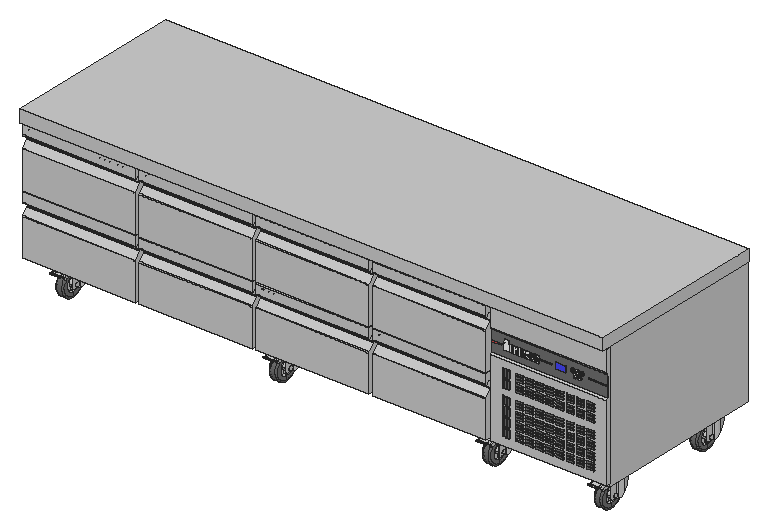
Revit family "QF_INOMAK_PWDP7777_250528083448", category Specialty Equipment, Revit 2021 (continued)
Definition of nested family "QF_INOMAK_REF_COUNTERS_DOORS_DRAWERS_25485"
  Definition of nested family "Sliding_Doors"
    Parameters (values of type "Sliding doors")
      Description = ""
      Depth Actual [instance] = 700 mm
      Default Elevation = 0 mm
      Bottom inset [instance] = 4 mm
      Assembly Code = "E1090320"
    Reference planes
      plane 1 "Back": y = 0
      plane 2: z = 0
      plane 3 "Left": x = 0
      plane 4 "Right": x = 1200
      plane 5 "Front": y = -700
      plane 6 "Top": z = 1050
      plane 7 "Front legs": y = -690
      plane 8 "Legs top": z = 150
      plane 9 "Backsplash thickness": y = -10
      plane 10: x = 35
      plane 11: x = 1165
      plane 12 "Center Left-Right": x = 600
      plane 13: z = 154
      plane 14: z = 1046
    Forms (mm)
      Extrusion 1, solid, material <- "Finish", visible <- "Sliding doors"
        sketch origin (0, -690, 154) x (-1, 0, 0) y (0, 1, 0)
          loop
            line (-35, 10) -> (-35, 20) -> (-620, 20) -> (-620, 0) -> (-91.156, 0)
            arc (-91.156, 0) -> (-85.272, 0.885) -> (-79.91, 3.461) r 20
            line (-79.91, 3.461) -> (-60, 17) -> (-38, 17) -> (-38, 10)
            arc (-38, 10) -> (-40.05, 5.05) -> (-45, 3) r 7
            line (-45, 3) -> (-50.012, 3) -> (-50.012, 0) -> (-45, 0)
            arc (-45, 0) -> (-37.929, 2.929) -> (-35, 10) r 10
        from 0 to -892
      Extrusion 2, solid, material <- "Finish", visible <- "Sliding doors"
        sketch origin (0, -689, 154) x (-1, 0, 0) y (0, 1, 0)
          loop
            arc (-1065, 30) -> (-1062.071, 22.929) -> (-1055, 20) r 10
            line (-1055, 20) -> (-1049.988, 20) -> (-1049.988, 23) -> (-1055, 23)
            arc (-1055, 23) -> (-1059.95, 25.05) -> (-1062, 30) r 7
            line (-1062, 30) -> (-1062, 37) -> (-1040, 37) -> (-1020.09, 23.461)
            arc (-1020.09, 23.461) -> (-1014.728, 20.885) -> (-1008.844, 20) r 20
            line (-1008.844, 20) -> (-480, 20) -> (-480, 40) -> (-1065, 40) -> (-1065, 30)
        from 0 to -892
    Lines and regions (mm)
      symbolic lines, visible <- "Sliding doors"
        curve 1: line (1065, -649, 150) -> (480, -649, 150)
        curve 2: line (1065, -669, 150) -> (1065, -649, 150)
        curve 3: line (480, -669, 150) -> (1065, -669, 150)
        curve 4: line (480, -649, 150) -> (480, -669, 150)
        curve 5: line (620, -690, 150) -> (35, -690, 150)
        curve 6: line (620, -670, 150) -> (620, -690, 150)
        curve 7: line (35, -670, 150) -> (620, -670, 150)
        curve 8: line (35, -690, 150) -> (35, -670, 150)
    Dimensions and locks
      "Length Actual": plane 3 "Left" to plane 4 "Right"
      "Depth Actual": plane 5 "Front" to plane 1 "Back"
      "Height Actual": plane 6 "Top" to plane 8 "Legs top"
      "Front inset": plane 7 "Front legs" to plane 5 "Front"
      "Plinth height": plane 8 "Legs top" to plane 2
      "Rear inset": plane 9 "Backsplash thickness" to plane 1 "Back"
      "Right panel thickness": plane 11 to plane 4 "Right"
      "Left panel thickness": plane 3 "Left" to plane 10
      equal spacing: plane 10, plane 12 "Center Left-Right", plane 11
      "Top inset": plane 6 "Top" to plane 14
      "Bottom inset": plane 13 to plane 8 "Legs top"
      locked: plane 12 "Center Left-Right" to curve 4 at 120
      locked: plane 12 "Center Left-Right" to curve 5 at 20
      locked: plane 11 to curve 1 at 100
      aligned and locked: level to plane 2
      aligned and locked: Extrusion 1 sketch curve to plane 7 "Front legs"
      aligned and locked: Extrusion 1 sketch curve to plane 10
      aligned and locked: Extrusion 1 to plane 14
      aligned and locked: Extrusion 2 to plane 14
      aligned and locked: curve 8 to plane 10
    Automatic sketch dimensions
      Extrusion 2 sketch curve to Extrusion 2 sketch curve = 0 mm  (x2)
      plane 11 to Extrusion 2 sketch curve = 100 mm
      Extrusion 2 sketch curve to Extrusion 2 sketch curve = 3 mm
      Extrusion 2 sketch curve to Extrusion 2 sketch curve = 7 mm  (x2)
      Extrusion 2 sketch curve to Extrusion 2 sketch curve = 5.012 mm
      plane 7 "Front legs" to Extrusion 2 sketch curve = 38 mm
      Extrusion 2 sketch curve to Extrusion 2 sketch curve = 15 mm
      plane 7 "Front legs" to Extrusion 2 sketch curve = 24.461 mm
      Extrusion 2 sketch curve to Extrusion 2 sketch curve = 19.91 mm
      Extrusion 2 sketch curve to Extrusion 2 sketch curve = 11.246 mm
      Extrusion 2 sketch curve to plane 12 "Center Left-Right" = 120 mm
      Extrusion 2 sketch curve to Extrusion 2 sketch curve = 16.539 mm
      Extrusion 2 sketch curve to Extrusion 2 sketch curve = 20 mm
      Extrusion 1 sketch curve to Extrusion 1 sketch curve = 0 mm  (x2)
      Extrusion 1 sketch curve to plane 7 "Front legs" = 0 mm
      Extrusion 1 sketch curve to plane 10 = 3 mm
      Extrusion 1 sketch curve to Extrusion 1 sketch curve = 7 mm
      Extrusion 1 sketch curve to Extrusion 1 sketch curve = 5.012 mm
      Extrusion 1 sketch curve to Extrusion 1 sketch curve = 15 mm
      plane 7 "Front legs" to Extrusion 1 sketch curve = 3.461 mm
      Extrusion 1 sketch curve to Extrusion 1 sketch curve = 19.91 mm
      Extrusion 1 sketch curve to Extrusion 1 sketch curve = 11.246 mm
      plane 12 "Center Left-Right" to Extrusion 1 sketch curve = 20 mm
      Extrusion 1 sketch curve to Extrusion 1 sketch curve = 20 mm
      Extrusion 1 sketch curve to Extrusion 1 sketch curve = 3 mm
      curve 8 to plane 7 "Front legs" = 0 mm
      curve 5 to curve 6 = 20 mm
      plane 7 "Front legs" to curve 2 = 21 mm
      curve 2 to curve 2 = 20 mm
  Definition of nested family "4_Drawers_1-4"
    Parameters (values of type "4 Drawers 1-4")
      URL = "www.specifiglobal.com"
      Top inset [instance] = 4 mm
      Right panel thickness [instance] = 35 mm
      Rear inset [instance] = 10 mm
      Plinth height [instance] = 150 mm
      Model = ""
      Manufacturer = "DEMO CONSULTANT"
      Length Actual [instance] = 1200 mm
      Left panel thickness [instance] = 35 mm
      Height Actual [instance] = 900 mm
      Front inset [instance] = 10 mm
      Finish [instance] = none
      Doors drawers type [instance] = 7
      Description = ""
      Depth Actual [instance] = 700 mm
      Default Elevation = 0 mm
      Bottom inset [instance] = 4 mm
      Assembly Code = "E1090320"
      4 Drawers [instance] = Doors drawers type = 7  # yes
    Reference planes
      plane 1 "Back": y = 0
      plane 2: z = 0
      plane 3 "Left": x = 0
      plane 4 "Right": x = 1200
      plane 5 "Front": y = -700
      plane 6 "Top": z = 1050
      plane 7 "Front legs": y = -690
      plane 8 "Legs top": z = 150
      plane 9 "Backsplash thickness": y = -10
      plane 10 "Left panel": x = 35
      plane 11 "Right panel": x = 1165
      plane 12: z = 824.25
      plane 13: z = 1046
      plane 14: z = 826.083
      plane 15: z = 822.417
      plane 16: z = 1048.5
      plane 17: z = 375.75
      plane 18: z = 377.917
      plane 19: z = 373.583
      plane 20: z = 154
      plane 21: z = 151.5
      plane 22: z = 600
      plane 23: z = 601.833
      plane 24: z = 598.167
    Forms (mm)
      Extrusion 1, solid, material <- "Finish", visible <- "4 Drawers"
        sketch origin (35, 0, -1) x (0, -1, 0) y (0, 0, 1)
          loop
            line (680, 1047) -> (670, 1047) -> (670, 827.083) -> (690, 827.083) -> (690, 990.844)
            arc (690, 990.844) -> (689.115, 996.728) -> (686.539, 1002.09) r 20
            line (686.539, 1002.09) -> (673, 1022) -> (673, 1044) -> (680, 1044)
            arc (680, 1044) -> (684.95, 1041.95) -> (687, 1037) r 7
            line (687, 1037) -> (687, 1031.988) -> (690, 1031.988) -> (690, 1037)
            arc (690, 1037) -> (687.071, 1044.071) -> (680, 1047) r 10
        from 0 to -1130
      Extrusion 2, solid, visible <- "4 Drawers", detail levels coarse
        sketch origin (0, -640.463, 826.083) x (0, 1, 0) y (-1, 0, 0)
          loop
            line (-49.537, -35) -> (-624.537, -35) -> (-624.537, -1165) -> (-49.537, -1165) -> (-49.537, -35)
        from 0 to 219.917
      Extrusion 3, solid, visible <- "4 Drawers", detail levels coarse
        sketch origin (0, -700, 154) x (-1, 0, 0) y (0, 1, 0)
          loop
            line (-35, 10) -> (-1165, 10) -> (-1165, -565) -> (-35, -565) -> (-35, 10)
        from 0 to -219.583
      Extrusion 4, solid, material <- "Finish", visible <- "4 Drawers"
        sketch origin (35, 0, -440.333) x (0, -1, 0) y (0, 0, 1)
          loop
            line (680, 813.917) -> (670, 813.917) -> (670, 594.333) -> (690, 594.333) -> (690, 757.761)
            arc (690, 757.761) -> (689.115, 763.644) -> (686.539, 769.007) r 20
            line (686.539, 769.007) -> (673, 788.917) -> (673, 810.917) -> (680, 810.917)
            arc (680, 810.917) -> (684.95, 808.866) -> (687, 803.917) r 7
            line (687, 803.917) -> (687, 798.904) -> (690, 798.904) -> (690, 803.917)
            arc (690, 803.917) -> (687.071, 810.988) -> (680, 813.917) r 10
        from 0 to -1130
      Extrusion 5, solid, material <- "Finish", visible <- "4 Drawers"
        sketch origin (35, 0, -165.333) x (0, -1, 0) y (0, 0, 1)
          loop
            line (680, 987.75) -> (670, 987.75) -> (670, 767.167) -> (690, 767.167) -> (690, 931.594)
            arc (690, 931.594) -> (689.115, 937.478) -> (686.539, 942.84) r 20
            line (686.539, 942.84) -> (673, 962.75) -> (673, 984.75) -> (680, 984.75)
            arc (680, 984.75) -> (684.95, 982.7) -> (687, 977.75) r 7
            line (687, 977.75) -> (687, 972.738) -> (690, 972.738) -> (690, 977.75)
            arc (690, 977.75) -> (687.071, 984.821) -> (680, 987.75) r 10
        from 0 to -1130
      Extrusion 6, solid, material <- "Finish", visible <- "4 Drawers"
        sketch origin (35, 0, -330.333) x (0, -1, 0) y (0, 0, 1)
          loop
            line (680, 928.5) -> (670, 928.5) -> (670, 708.25) -> (690, 708.25) -> (690, 872.344)
            arc (690, 872.344) -> (689.115, 878.228) -> (686.539, 883.59) r 20
            line (686.539, 883.59) -> (673, 903.5) -> (673, 925.5) -> (680, 925.5)
            arc (680, 925.5) -> (684.95, 923.45) -> (687, 918.5) r 7
            line (687, 918.5) -> (687, 913.488) -> (690, 913.488) -> (690, 918.5)
            arc (690, 918.5) -> (687.071, 925.571) -> (680, 928.5) r 10
        from 0 to -1130
      Extrusion 7, solid, visible <- "4 Drawers", detail levels coarse
        sketch origin (0, -500.463, 601.833) x (0, 1, 0) y (-1, 0, 0)
          loop
            line (-189.537, -35) -> (-764.537, -35) -> (-764.537, -1165) -> (-189.537, -1165) -> (-189.537, -35)
        from 0 to 220.583
      Extrusion 8, solid, visible <- "4 Drawers", detail levels coarse
        sketch origin (0, -540.463, 377.917) x (0, 1, 0) y (-1, 0, 0)
          loop
            line (-149.537, -35) -> (-724.537, -35) -> (-724.537, -1165) -> (-149.537, -1165) -> (-149.537, -35)
        from 0 to 220.25
    Lines and regions (mm)
      symbolic lines, visible <- "4 Drawers"
        curve 1: line (35, -945, 900) -> (35, -985, 900)
        curve 2: line (35, -985, 900) -> (1165, -985, 900)
        curve 3: line (1165, -985, 900) -> (1165, -945, 900)
        curve 4: line (1165, -945, 900) -> (35, -945, 900)
        curve 5: line (1135, -945, 900) -> (1135, -845, 900)
        curve 6: line (65, -945, 900) -> (65, -845, 900)
        curve 7: line (35, -1085, 900) -> (35, -1125, 900)
        curve 8: line (35, -1125, 900) -> (1165, -1125, 900)
        curve 9: line (1165, -1125, 900) -> (1165, -1085, 900)
        curve 10: line (1165, -1085, 900) -> (35, -1085, 900)
        curve 11: line (1135, -1085, 900) -> (1135, -985, 900)
        curve 12: line (65, -1085, 900) -> (65, -985, 900)
        curve 13: line (35, -1225, 900) -> (35, -1265, 900)
        curve 14: line (35, -1265, 900) -> (1165, -1265, 900)
        curve 15: line (1165, -1265, 900) -> (1165, -1225, 900)
        curve 16: line (1165, -1225, 900) -> (35, -1225, 900)
        curve 17: line (1135, -1225, 900) -> (1135, -1125, 900)
        curve 18: line (65, -1225, 900) -> (65, -1125, 900)
        curve 19: line (35, -805, 900) -> (35, -845, 900)
        curve 20: line (35, -845, 900) -> (1165, -845, 900)
        curve 21: line (1165, -845, 900) -> (1165, -805, 900)
        curve 22: line (1165, -805, 900) -> (35, -805, 900)
        curve 23: line (65, -805, 900) -> (65, -700, 900)
        curve 24: line (1135, -805, 900) -> (1135, -700, 900)
    Dimensions and locks
      "Length Actual": plane 3 "Left" to plane 4 "Right"
      "Depth Actual": plane 5 "Front" to plane 1 "Back"
      "Height Actual": plane 6 "Top" to plane 8 "Legs top"
      "Front inset": plane 7 "Front legs" to plane 5 "Front"
      "Plinth height": plane 8 "Legs top" to plane 2
      "Rear inset": plane 9 "Backsplash thickness" to plane 1 "Back"
      "Right panel thickness": plane 11 "Right panel" to plane 4 "Right"
      "Left panel thickness": plane 3 "Left" to plane 10 "Left panel"
      locked: plane 14 to plane 15 at 3.667
      equal spacing: plane 14, plane 12, plane 15
      locked: plane 23 to plane 24 at 3.667
      equal spacing: plane 23, plane 22, plane 24
      "Bottom inset": plane 20 to plane 8 "Legs top"
      equal spacing: plane 19, plane 17, plane 18
      locked: plane 19 to plane 18 at 4.333
      equal spacing: plane 21, plane 17, plane 22, plane 12, plane 16
      locked: plane 13 to plane 16 at 2.5
      "Top inset": plane 13 to plane 6 "Top"
      locked: plane 21 to plane 20 at 2.5
      aligned and locked: level to plane 2
      aligned and locked: plane 7 "Front legs" to Extrusion 1 sketch curve  (x2)
      aligned and locked: Extrusion 1 to plane 11 "Right panel"
      aligned and locked: Extrusion 1 sketch curve to plane 13
      aligned and locked: Extrusion 1 sketch curve to plane 14
      aligned and locked: plane 10 "Left panel" to curve 1
      aligned and locked: plane 10 "Left panel" to curve 7
      aligned and locked: plane 10 "Left panel" to curve 13
      aligned and locked: Extrusion 2 sketch curve to plane 10 "Left panel"
      aligned and locked: plane 11 "Right panel" to Extrusion 2 sketch curve
      aligned and locked: Extrusion 3 sketch curve to plane 10 "Left panel"
      aligned and locked: plane 11 "Right panel" to Extrusion 3 sketch curve
      aligned and locked: Extrusion 2 to plane 13
      aligned and locked: Extrusion 3 to plane 19
      aligned and locked: plane 20 to Extrusion 4 sketch curve
      aligned and locked: Extrusion 4 to plane 11 "Right panel"
      aligned and locked: Extrusion 5 sketch curve to plane 15
      aligned and locked: plane 7 "Front legs" to Extrusion 5 sketch curve
      aligned and locked: Extrusion 5 sketch curve to plane 23
      aligned and locked: Extrusion 6 sketch curve to plane 24
      aligned and locked: plane 7 "Front legs" to Extrusion 6 sketch curve
      aligned and locked: Extrusion 6 sketch curve to plane 18
      aligned and locked: Extrusion 7 to plane 15
      aligned and locked: Extrusion 8 to plane 24
      aligned and locked: Extrusion 5 to plane 11 "Right panel"
      aligned and locked: Extrusion 6 to plane 11 "Right panel"
    Automatic sketch dimensions
      Extrusion 1 sketch curve to Extrusion 1 sketch curve = 0 mm  (x2)
      plane 7 "Front legs" to Extrusion 1 sketch curve = 3 mm
      plane 7 "Front legs" to Extrusion 1 sketch curve = 3.461 mm
      plane 7 "Front legs" to Extrusion 1 sketch curve = 10 mm
      Extrusion 1 sketch curve to Extrusion 1 sketch curve = 7 mm
      plane 7 "Front legs" to Extrusion 1 sketch curve = 20 mm  (x2)
      Extrusion 1 sketch curve to Extrusion 1 sketch curve = 46.156 mm
      Extrusion 1 sketch curve to Extrusion 1 sketch curve = 15 mm
      Extrusion 1 sketch curve to Extrusion 1 sketch curve = 5.012 mm
      Extrusion 2 sketch curve to plane 7 "Front legs" = 0 mm
      Extrusion 2 sketch curve to plane 5 "Front" = 565 mm
      Extrusion 3 sketch curve to plane 7 "Front legs" = 0 mm
      Extrusion 3 sketch curve to plane 5 "Front" = 565 mm
      Extrusion 5 sketch curve to Extrusion 5 sketch curve = 0 mm  (x2)
      Extrusion 5 sketch curve to plane 7 "Front legs" = 0 mm
      plane 7 "Front legs" to Extrusion 5 sketch curve = 3 mm
      plane 7 "Front legs" to Extrusion 5 sketch curve = 3.461 mm
      plane 7 "Front legs" to Extrusion 5 sketch curve = 10 mm
      Extrusion 5 sketch curve to Extrusion 5 sketch curve = 7 mm
      plane 7 "Front legs" to Extrusion 5 sketch curve = 20 mm  (x2)
      Extrusion 5 sketch curve to Extrusion 5 sketch curve = 46.156 mm
      Extrusion 5 sketch curve to Extrusion 5 sketch curve = 15 mm
      Extrusion 5 sketch curve to Extrusion 5 sketch curve = 5.012 mm
      Extrusion 6 sketch curve to Extrusion 6 sketch curve = 0 mm  (x2)
      Extrusion 6 sketch curve to plane 7 "Front legs" = 0 mm
      plane 7 "Front legs" to Extrusion 6 sketch curve = 3 mm
      plane 7 "Front legs" to Extrusion 6 sketch curve = 3.461 mm
      plane 7 "Front legs" to Extrusion 6 sketch curve = 10 mm
      Extrusion 6 sketch curve to Extrusion 6 sketch curve = 7 mm
      plane 7 "Front legs" to Extrusion 6 sketch curve = 20 mm  (x2)
      Extrusion 6 sketch curve to Extrusion 6 sketch curve = 46.156 mm
      Extrusion 6 sketch curve to Extrusion 6 sketch curve = 15 mm
      Extrusion 6 sketch curve to Extrusion 6 sketch curve = 5.012 mm
      curve 14 to plane 11 "Right panel" = 0 mm
      curve 8 to plane 11 "Right panel" = 0 mm
      curve 2 to plane 11 "Right panel" = 0 mm
      curve 21 to plane 11 "Right panel" = 0 mm
      curve 20 to plane 10 "Left panel" = 0 mm
      curve 23 to plane 5 "Front" = 0 mm
      curve 24 to plane 5 "Front" = 0 mm
      curve 21 to plane 5 "Front" = 105 mm
      curve 20 to curve 21 = 40 mm
      curve 3 to curve 20 = 100 mm
      curve 3 to curve 3 = 40 mm
      curve 10 to curve 1 = 100 mm
      curve 9 to curve 9 = 40 mm
      curve 15 to curve 8 = 100 mm
      curve 15 to curve 15 = 40 mm
      plane 11 "Right panel" to curve 24 = 30 mm
      curve 8 to curve 17 = 30 mm
      curve 11 to curve 17 = 0 mm
      curve 23 to plane 10 "Left panel" = 30 mm
      curve 12 to curve 6 = 0 mm
      curve 18 to curve 12 = 0 mm
      Extrusion 4 sketch curve to Extrusion 4 sketch curve = 0 mm  (x2)
      plane 19 to Extrusion 4 sketch curve = 0 mm
      Extrusion 4 sketch curve to plane 7 "Front legs" = 0 mm  (x2)
      plane 7 "Front legs" to Extrusion 4 sketch curve = 3 mm
      plane 7 "Front legs" to Extrusion 4 sketch curve = 3.461 mm
      plane 7 "Front legs" to Extrusion 4 sketch curve = 10 mm
      Extrusion 4 sketch curve to Extrusion 4 sketch curve = 7 mm
      plane 7 "Front legs" to Extrusion 4 sketch curve = 20 mm  (x2)
      Extrusion 4 sketch curve to Extrusion 4 sketch curve = 46.156 mm
      Extrusion 4 sketch curve to Extrusion 4 sketch curve = 15 mm
      Extrusion 4 sketch curve to Extrusion 4 sketch curve = 5.012 mm
      Extrusion 7 sketch curve to plane 10 "Left panel" = 0 mm
      Extrusion 7 sketch curve to plane 11 "Right panel" = 0 mm
      Extrusion 7 sketch curve to plane 7 "Front legs" = 0 mm
      Extrusion 7 sketch curve to plane 5 "Front" = 565 mm
      Extrusion 8 sketch curve to plane 10 "Left panel" = 0 mm
      Extrusion 8 sketch curve to plane 11 "Right panel" = 0 mm
      Extrusion 8 sketch curve to plane 7 "Front legs" = 0 mm
      Extrusion 8 sketch curve to plane 5 "Front" = 565 mm
      curve 6 to plane 10 "Left panel" = 30 mm
      curve 5 to curve 24 = 0 mm
  Definition of nested family "Hinged_Doors"
    Parameters (values of type "Hinged doors")
      URL = "www.specifiglobal.com"
      Top inset [instance] = 4 mm
      Right panel thickness [instance] = 35 mm
      Rear inset [instance] = 10 mm
      Plinth height [instance] = 150 mm
      Model = ""
      Manufacturer = "DEMO CONSULTANT"
      Length Actual [instance] = 1200 mm
      Left panel thickness [instance] = 35 mm
      Hinged doors [instance] = Doors drawers type = 3  # yes
      Height Actual [instance] = 900 mm
      Front inset [instance] = 10 mm
      Finish [instance] = none
      Doors drawers type [instance] = 3
      Description = ""
      Depth Actual [instance] = 700 mm
      Default Elevation = 0 mm
      Bottom inset [instance] = 4 mm
      Assembly Code = "E1090320"
    Reference planes
      plane 1 "Back": y = 0
      plane 2: z = 0
      plane 3 "Left": x = 0
      plane 4 "Right": x = 1200
      plane 5 "Front": y = -700
      plane 6 "Top": z = 1050
      plane 7 "Front legs": y = -690
      plane 8 "Legs top": z = 150
      plane 9 "Backsplash thickness": y = -10
      plane 10: x = 35
      plane 11: x = 1165
      plane 12 "Center Left-Right": x = 600
      plane 13: x = 597.5
      plane 14: x = 602.5
      plane 15: z = 154
      plane 16: z = 1046
    Forms (mm)
      Extrusion 1, solid, material <- "Finish", visible <- "Hinged doors"
        sketch origin (35, -2307.849, 4000) x (0, -1, 0) y (0, 0, 1)
          loop
            line (-1627.849, -2954) -> (-1637.849, -2954) -> (-1637.849, -3846) -> (-1617.849, -3846) -> (-1617.849, -3010.156)
            arc (-1617.849, -3010.156) -> (-1618.734, -3004.272) -> (-1621.31, -2998.91) r 20
            line (-1621.31, -2998.91) -> (-1634.849, -2979) -> (-1634.849, -2957) -> (-1627.849, -2957)
            arc (-1627.849, -2957) -> (-1622.899, -2959.05) -> (-1620.849, -2964) r 7
            line (-1620.849, -2964) -> (-1620.849, -2969.012) -> (-1617.849, -2969.012) -> (-1617.849, -2964)
            arc (-1617.849, -2964) -> (-1620.778, -2956.929) -> (-1627.849, -2954) r 10
        from 0 to -562.5
      Extrusion 2, solid, visible <- "Hinged doors", detail levels coarse
        sketch origin (0, -700, 154) x (-1, 0, 0) y (0, 1, 0)
          loop
            line (-35, 10) -> (-597.5, 10)
            arc (-597.5, 10) -> (-432.748, -387.748) -> (-35, -552.5) r 562.5
            line (-35, -552.5) -> (-35, 10)
        from 0 to -892
      Extrusion 3, solid, material <- "Finish", visible <- "Hinged doors"
        sketch origin (1165, -2312.576, 4000) x (0, -1, 0) y (0, 0, 1)
          loop
            line (-1632.576, -2954) -> (-1642.576, -2954) -> (-1642.576, -3846) -> (-1622.576, -3846) -> (-1622.576, -3010.156)
            arc (-1622.576, -3010.156) -> (-1623.46, -3004.272) -> (-1626.037, -2998.91) r 20
            line (-1626.037, -2998.91) -> (-1639.576, -2979) -> (-1639.576, -2957) -> (-1632.576, -2957)
            arc (-1632.576, -2957) -> (-1627.626, -2959.05) -> (-1625.576, -2964) r 7
            line (-1625.576, -2964) -> (-1625.576, -2969.012) -> (-1622.576, -2969.012) -> (-1622.576, -2964)
            arc (-1622.576, -2964) -> (-1625.504, -2956.929) -> (-1632.576, -2954) r 10
        from 0 to 562.5
      Extrusion 4, solid, visible <- "Hinged doors", detail levels coarse
        sketch origin (0, -700, 154) x (-1, 0, 0) y (0, 1, 0)
          loop
            line (-1165, 10) -> (-1165, -552.5)
            arc (-1165, -552.5) -> (-767.252, -387.748) -> (-602.5, 10) r 562.5
            line (-602.5, 10) -> (-1165, 10)
        from 0 to -892
    Lines and regions (mm)
      symbolic lines, visible <- "Hinged doors"
        curve 1: line (35, -700, 150) -> (35, -1252.5, 150)
        curve 2: arc (35, -1252.5, 150) -> (429.196, -1091.268, 150) -> (597.411, -700, 150) r 562.5
        curve 3: arc (602.589, -700, 150) -> (770.804, -1091.268, 150) -> (1165, -1252.5, 150) r 562.5
        curve 4: line (1165, -1252.5, 150) -> (1165, -700, 150)
    Dimensions and locks
      "Length Actual": plane 3 "Left" to plane 4 "Right"
      "Depth Actual": plane 5 "Front" to plane 1 "Back"
      "Height Actual": plane 6 "Top" to plane 8 "Legs top"
      "Front inset": plane 7 "Front legs" to plane 5 "Front"
      "Plinth height": plane 8 "Legs top" to plane 2
      "Rear inset": plane 9 "Backsplash thickness" to plane 1 "Back"
      "Right panel thickness": plane 11 to plane 4 "Right"
      "Left panel thickness": plane 3 "Left" to plane 10
      equal spacing: plane 10, plane 12 "Center Left-Right", plane 11
      plane 13 to plane 12 "Center Left-Right" = 2.5 mm
      plane 12 "Center Left-Right" to plane 14 = 2.5 mm
      "Bottom inset": plane 15 to plane 8 "Legs top"
      "Top inset": plane 16 to plane 6 "Top"
      aligned and locked: level to plane 2
      aligned and locked: Extrusion 1 to plane 13
      aligned and locked: plane 10 to Extrusion 2 sketch curve
      aligned and locked: plane 13 to Extrusion 2 sketch curve
      aligned and locked: plane 7 "Front legs" to Extrusion 2 sketch curve  (x2)
      aligned and locked: plane 14 to Extrusion 3
      aligned and locked: Extrusion 2 to curve 1
      aligned and locked: curve 2 to Extrusion 2
      aligned and locked: curve 3 to Extrusion 4
      aligned and locked: curve 4 to Extrusion 4
      aligned and locked: plane 5 "Front" to curve 1
      aligned and locked: plane 5 "Front" to curve 2
      aligned and locked: plane 5 "Front" to curve 3
      aligned and locked: plane 5 "Front" to curve 4
      aligned and locked: Extrusion 4 to plane 16
      aligned and locked: Extrusion 2 to plane 16
      aligned and locked: Extrusion 1 sketch curve to plane 16
      aligned and locked: Extrusion 1 sketch curve to plane 15
      aligned and locked: Extrusion 3 sketch curve to plane 15
      aligned and locked: Extrusion 3 sketch curve to plane 16
    Automatic sketch dimensions
      Extrusion 1 sketch curve to Extrusion 1 sketch curve = 0 mm  (x2)
      Extrusion 1 sketch curve to plane 7 "Front legs" = 0 mm  (x2)
      plane 7 "Front legs" to Extrusion 1 sketch curve = 3 mm
      plane 7 "Front legs" to Extrusion 1 sketch curve = 3.461 mm
      plane 7 "Front legs" to Extrusion 1 sketch curve = 10 mm
      Extrusion 1 sketch curve to Extrusion 1 sketch curve = 7 mm
      plane 7 "Front legs" to Extrusion 1 sketch curve = 20 mm  (x2)
      Extrusion 1 sketch curve to Extrusion 1 sketch curve = 46.156 mm
      Extrusion 1 sketch curve to Extrusion 1 sketch curve = 15 mm
      Extrusion 1 sketch curve to Extrusion 1 sketch curve = 5.012 mm
      Extrusion 3 sketch curve to Extrusion 3 sketch curve = 0 mm  (x2)
      Extrusion 3 sketch curve to plane 7 "Front legs" = 0 mm  (x2)
      Extrusion 3 sketch curve to Extrusion 3 sketch curve = 3 mm
      plane 7 "Front legs" to Extrusion 3 sketch curve = 3.461 mm
      plane 7 "Front legs" to Extrusion 3 sketch curve = 10 mm
      Extrusion 3 sketch curve to Extrusion 3 sketch curve = 7 mm
      Extrusion 3 sketch curve to Extrusion 3 sketch curve = 16.539 mm
      Extrusion 3 sketch curve to Extrusion 3 sketch curve = 20 mm
      Extrusion 3 sketch curve to Extrusion 3 sketch curve = 46.156 mm
      Extrusion 3 sketch curve to Extrusion 3 sketch curve = 15 mm
      Extrusion 3 sketch curve to Extrusion 3 sketch curve = 5.012 mm
      Extrusion 4 sketch curve to plane 11 = 0 mm
      Extrusion 4 sketch curve to plane 7 "Front legs" = 0 mm
      Extrusion 4 sketch curve to plane 14 = 0 mm
  Definition of nested family "Hopper"
    Parameters (values of type "Hopper")
      URL = "www.specifiglobal.com"
      Top inset [instance] = 4 mm
      Right panel thickness [instance] = 35 mm
      Rear inset [instance] = 10 mm
      Plinth height [instance] = 150 mm
      Model = ""
      Manufacturer = "DEMO CONSULTANT"
      Length Actual [instance] = 700 mm
      Left panel thickness [instance] = 35 mm
      Hopper [instance] = Doors drawers type = 10  # yes
      Height Actual [instance] = 900 mm
      Front inset [instance] = 10 mm
      Finish [instance] = none
      Doors drawers type [instance] = 10
      Description = ""
      Depth Actual [instance] = 700 mm
      Default Elevation = 0 mm
      Bottom inset [instance] = 4 mm
      Assembly Code = "E1090320"
      2 Drawers = yes
    Reference planes
      plane 1 "Back": y = 0
      plane 2: z = 0
      plane 3 "Left": x = 0
      plane 4 "Right": x = 700
      plane 5 "Front": y = -700
      plane 6 "Top": z = 1050
      plane 7 "Front legs": y = -690
      plane 8 "Legs top": z = 150
      plane 9 "Backsplash thickness": y = -10
      plane 10 "Left panel": x = 35
      plane 11 "Right panel": x = 665
      plane 12: z = 1046
      plane 13: z = 154
    Forms (mm)
      Extrusion 1, solid, material <- "Finish", visible <- "Hopper"
        sketch origin (35, 0, 0) x (0, -1, 0) y (0, 0, 1)
          loop
            line (690, 154) -> (690, 960.365)
            arc (690, 960.365) -> (689.866, 961.037) -> (689.485, 961.607) r 1.757
            line (689.485, 961.607) -> (666.663, 984.429)
            arc (666.663, 984.429) -> (665.976, 985.458) -> (665.734, 986.672) r 3.172
            line (665.734, 986.672) -> (665.734, 1013.576)
            arc (665.734, 1013.576) -> (666.433, 1015.262) -> (668.119, 1015.961) r 2.385
            line (668.119, 1015.961) -> (680.029, 1015.961) -> (686.544, 1006.657)
            arc (686.544, 1006.657) -> (688.671, 1005.935) -> (690, 1007.747) r 1.9
            line (690, 1007.747) -> (690, 1046) -> (648, 1046) -> (648, 154) -> (690, 154)
        from 0 to -630
      Extrusion 2, solid, visible <- "Hopper", detail levels coarse
        sketch origin (35, 0, 0) x (0, -1, 0) y (0, 0, 1)
          loop
            line (690, 154) -> (1265, 154) -> (1265, 1046) -> (690, 1046) -> (690, 154)
        from 0 to -630
    Lines and regions (mm)
      symbolic lines, visible <- "Hopper"
        curve 1: line (35, -1225, 900) -> (35, -1265, 900)
        curve 2: line (35, -1265, 900) -> (665, -1265, 900)
        curve 3: line (665, -1265, 900) -> (665, -1225, 900)
        curve 4: line (665, -1225, 900) -> (35, -1225, 900)
        curve 5: line (635, -1225, 900) -> (635, -700, 900)
        curve 6: line (65, -1225, 900) -> (65, -700, 900)
    Dimensions and locks
      "Length Actual": plane 3 "Left" to plane 4 "Right"
      "Depth Actual": plane 5 "Front" to plane 1 "Back"
      "Height Actual": plane 6 "Top" to plane 8 "Legs top"
      "Front inset": plane 7 "Front legs" to plane 5 "Front"
      "Plinth height": plane 8 "Legs top" to plane 2
      "Rear inset": plane 9 "Backsplash thickness" to plane 1 "Back"
      "Right panel thickness": plane 11 "Right panel" to plane 4 "Right"
      "Left panel thickness": plane 3 "Left" to plane 10 "Left panel"
      "Top inset": plane 12 to plane 6 "Top"
      "Bottom inset": plane 13 to plane 8 "Legs top"
      aligned and locked: level to plane 2
      aligned and locked: Extrusion 1 to plane 11 "Right panel"
      aligned and locked: Extrusion 2 to plane 11 "Right panel"
      aligned and locked: plane 10 "Left panel" to Extrusion 2
      aligned and locked: Extrusion 1 sketch curve to plane 12
      aligned and locked: Extrusion 1 sketch curve to Extrusion 2
      aligned and locked: Extrusion 1 sketch curve to plane 13
    Automatic sketch dimensions
      Extrusion 1 sketch curve to Extrusion 1 sketch curve = 17.734 mm
      Extrusion 1 sketch curve to Extrusion 1 sketch curve = 0.929 mm
      Extrusion 1 sketch curve to Extrusion 1 sketch curve = 2.385 mm
      Extrusion 1 sketch curve to Extrusion 1 sketch curve = 3.172 mm
      Extrusion 1 sketch curve to Extrusion 1 sketch curve = 11.91 mm
      Extrusion 1 sketch curve to Extrusion 1 sketch curve = 6.515 mm
      Extrusion 1 sketch curve to Extrusion 1 sketch curve = 1.556 mm
      Extrusion 1 sketch curve to Extrusion 1 sketch curve = 21.58 mm
      Extrusion 1 sketch curve to Extrusion 1 sketch curve = 1.242 mm
      Extrusion 1 sketch curve to Extrusion 1 sketch curve = 1.9 mm
      Extrusion 1 sketch curve to Extrusion 1 sketch curve = 0.515 mm
      Extrusion 1 sketch curve to Extrusion 1 sketch curve = 22.822 mm
      Extrusion 1 sketch curve to Extrusion 1 sketch curve = 19.985 mm
      Extrusion 1 sketch curve to Extrusion 1 sketch curve = 6.919 mm
      Extrusion 1 sketch curve to Extrusion 1 sketch curve = 30.039 mm
      Extrusion 2 sketch curve to plane 7 "Front legs" = 0 mm
      plane 13 to Extrusion 2 sketch curve = 0 mm
      plane 12 to Extrusion 2 sketch curve = 0 mm
      Extrusion 2 sketch curve to plane 5 "Front" = 565 mm
      curve 1 to plane 10 "Left panel" = 0 mm
      curve 2 to plane 11 "Right panel" = 0 mm
      curve 6 to plane 5 "Front" = 0 mm
      curve 5 to plane 5 "Front" = 0 mm
      curve 4 to plane 5 "Front" = 525 mm
      curve 3 to curve 3 = 40 mm
      plane 11 "Right panel" to curve 5 = 30 mm
      curve 6 to plane 10 "Left panel" = 30 mm
Definition of nested family "QF_INOMAK_REF_COUNTERS_DOORS_DRAWERS_34956"
  Parameters (values of type "DR-LX-710")
    Weight [instance] = 0.00 kg
    Warranty Start Date [instance] = ""
    Warranty Duration [instance] = ""
    URL Cutsheet [instance] = ""
    URL = "www.inomak.com"
    Top inset [instance] = 10 mm
    Technical Documentation [instance] = ""
    Tag Number [instance] = ""
    Status [instance] = ""
    Specification by User [instance] = ""
    Specification by Manufacturer [instance] = ""
    Sound Level [instance] = ""
    Solid Fuel Type [instance] = ""
    Show Logo [instance] = yes
    Show Clearances [instance] = yes
    Service Life Duration [instance] = ""
    Serial Number [instance] = ""
    Seismic Rating [instance] = ""
    SMACNA No [instance] = ""
    Right panel thickness [instance] = 0 mm
    Revision Code [instance] = ""
    Revision [instance] = ""
    Rear inset [instance] = 0 mm
    Production Year [instance] = ""
    Point Load [instance] = 0
    Plinth height [instance] = 0 mm
    Other Equipment Approvals [instance] = ""
    NAFEM Spec ID Number [instance] = ""
    Model Warning [instance] = ""
    Model = "DR-LX-710"
    Masterspec [instance] = ""
    Manufacturer = "INOMAK"
    Length Actual [instance] = 435 mm
    Left panel thickness [instance] = 0 mm
    Item Number [instance] = ""
    Installed By [instance] = ""
    Installation Date [instance] = ""
    Identify Quantity as Lot [instance] = yes
    ID [instance] = ""
    Hygiene Approval [instance] = ""
    Height Actual [instance] = 710 mm
    Furnished By [instance] = ""
    Front inset [instance] = 10 mm
    Foodservice Equipment Identifier [instance] = yes
    Finish [instance] = none
    ETL Approved [instance] = yes
    Doors drawers type [instance] = 8
    Description = "LEFT HINGED DOOR"
    Depth Actual [instance] = 700 mm
    Default Elevation = 0 mm
    CSI MasterFormat [instance] = ""
    CE Approved [instance] = yes
    Bottom inset [instance] = 10 mm
    Barcode [instance] = ""
    Author [instance] = ""
    Asset Identifier [instance] = ""
    Assembly Code = "E1090320"
    Accessory [instance] = yes
  Types (9, lengths in mm): name | Model | Height Actual | Doors drawers type | Description
    DW-2-710 | "DW-2-710" | 710 | 4 | "2 X GN 1/2 DRAWERS"
    DR-LX-710 | "DR-LX-710" | 710 | 8 | "LEFT HINGED DOOR"
    DR-RX-710 | "DR-RX-710" | 710 | 9 | "RIGHT HINGED DOOR"
    DW-3-710 | "DW-3-710" | 710 | 6 | "3 X GN 1/3 DRAWERS"
    DW-B-710 | "DW-B-710" | 710 | 5 | "1 X GN 1/3 & 1 X GN 2/3 DRAWERS"
    DW-2-483 | "DW-2-483" | 483 | 4 | "2 X GN 1/3 DRAWERS"
    DR-LX-483 | "DR-LX-483" | 483 | 8 | "LEFT HINGED DOOR"
    DR-RX-483 | "DR-RX-483" | 483 | 9 | "RIGHT HINGED DOOR"
    DW-1-483 | "DW-1-483" | 483 | 10 | "1 X GN 2/3 DRAWER"
  Reference planes
    plane 1 "Front": y = 0
    plane 2: z = 0
    plane 3 "Left": x = 0
    plane 4 "Right": x = 435
    plane 5 "Back": y = 700
    plane 6 "Top": z = 710
    plane 7 "Bottom shelf": z = 0
    plane 8: z = 700
    plane 9: z = 10
    plane 10: x = 0
    plane 11: x = 435
    plane 12 "Center Top Bottom": z = 355
  Lines and regions (mm)
    reference lines
      curve 1: line (0, 0, 355) -> (0, 25, 355)
      curve 2: line (435, 0, 355) -> (435, 25, 355)
      curve 3: line (0, 700, 355) -> (435, 700, 355)
      curve 4: line (0, 0, 355) -> (435, 0, 355)
  Dimensions and locks
    "Length Actual": plane 3 "Left" to plane 4 "Right"
    "Depth Actual": plane 1 "Front" to plane 5 "Back"
    "Height Actual": plane 6 "Top" to plane 7 "Bottom shelf"
    "Plinth height": plane 7 "Bottom shelf" to plane 2
    "Top inset": plane 6 "Top" to plane 8
    "Bottom inset": plane 9 to plane 7 "Bottom shelf"
    "Left panel thickness": plane 3 "Left" to plane 10
    "Right panel thickness": plane 11 to plane 4 "Right"
    equal spacing: plane 6 "Top", plane 12 "Center Top Bottom", plane 7 "Bottom shelf"
    "Length Actual": curve 1 to plane 4 "Right"
    "Length Actual": plane 3 "Left" to curve 2
    "Depth Actual": plane 1 "Front" to curve 3
    "Depth Actual": plane 5 "Back" to curve 4
    aligned and locked: level to plane 2
    aligned and locked: plane 3 "Left" to nested 1
    aligned and locked: plane 3 "Left" to nested 2
    aligned and locked: plane 3 "Left" to nested 3
    aligned and locked: plane 3 "Left" to nested 4
    aligned and locked: plane 3 "Left" to nested 5
    aligned and locked: plane 3 "Left" to nested 6
    aligned and locked: plane 3 "Left" to nested 7
    aligned and locked: plane 3 "Left" to nested 8
    aligned and locked: plane 3 "Left" to nested 9
    aligned and locked: nested 4 to plane 1 "Front"
    aligned and locked: nested 6 to plane 1 "Front"
    aligned and locked: nested 8 to plane 1 "Front"
    aligned and locked: nested 5 to plane 1 "Front"
    aligned and locked: nested 3 to plane 1 "Front"
    aligned and locked: nested 7 to plane 1 "Front"
    aligned and locked: nested 2 to plane 1 "Front"
    aligned and locked: nested 1 to plane 1 "Front"
    aligned and locked: nested 9 to plane 1 "Front"
  Automatic sketch dimensions
    curve 3 to plane 4 "Right" = 0 mm
    curve 3 to plane 3 "Left" = 0 mm
    curve 2 to curve 2 = 25 mm
    curve 1 to curve 1 = 25 mm
  Nested families
    nested 1: "Right_Door" at (0, 700, 0), Depth Actual <- "Depth Actual", Height Actual <- "Height Actual", Length Actual <- "Length Actual", Front inset <- "Front inset", Rear inset <- "Rear inset", Left panel thickness <- "Left panel thickness", Right panel thickness <- "Right panel thickness", Doors drawers type <- "Doors drawers type", Plinth height <- "Plinth height", Top inset <- "Top inset", Bottom inset <- "Bottom inset", type "Right door"
      with Top inset 10 mm, Right panel thickness 0 mm, Right hand hinged door no, Rear inset 0 mm, Plinth height 0 mm, Length Actual 435 mm, Left panel thickness 0 mm, Height Actual 710 mm, Front inset 10 mm, Doors drawers type 8, Depth Actual 700 mm, Bottom inset 10 mm
    nested 2: "Left_Door" at (0, 700, 0), Depth Actual <- "Depth Actual", Height Actual <- "Height Actual", Length Actual <- "Length Actual", Front inset <- "Front inset", Rear inset <- "Rear inset", Left panel thickness <- "Left panel thickness", Right panel thickness <- "Right panel thickness", Doors drawers type <- "Doors drawers type", Plinth height <- "Plinth height", Top inset <- "Top inset", Bottom inset <- "Bottom inset", type "Left door"
      with Top inset 10 mm, Right panel thickness 0 mm, Rear inset 0 mm, Plinth height 0 mm, Length Actual 435 mm, Left panel thickness 0 mm, Left hand hinged door yes, Height Actual 710 mm, Front inset 10 mm, Doors drawers type 8, Depth Actual 700 mm, Bottom inset 10 mm
    nested 3: "3_Drawers_1-3" at (0, 700, 0), Depth Actual <- "Depth Actual", Height Actual <- "Height Actual", Length Actual <- "Length Actual", Front inset <- "Front inset", Rear inset <- "Rear inset", Left panel thickness <- "Left panel thickness", Right panel thickness <- "Right panel thickness", Doors drawers type <- "Doors drawers type", Plinth height <- "Plinth height", Top inset <- "Top inset", Bottom inset <- "Bottom inset", type "3 Drawers 1-3"
      with Top inset 10 mm, Right panel thickness 0 mm, Rear inset 0 mm, Plinth height 0 mm, Length Actual 435 mm, Left panel thickness 0 mm, Height Actual 710 mm, Front inset 10 mm, Doors drawers type 8, Depth Actual 700 mm, Bottom inset 10 mm, 3 Drawers no
    nested 4: "2_Drawers_1-2" at (0, 700, 0), Depth Actual <- "Depth Actual", Height Actual <- "Height Actual", Length Actual <- "Length Actual", Front inset <- "Front inset", Rear inset <- "Rear inset", Left panel thickness <- "Left panel thickness", Right panel thickness <- "Right panel thickness", Doors drawers type <- "Doors drawers type", Plinth height <- "Plinth height", Top inset <- "Top inset", Bottom inset <- "Bottom inset", type "2 Drawers 1-2"
      with Top inset 10 mm, Right panel thickness 0 mm, Rear inset 0 mm, Plinth height 0 mm, Length Actual 435 mm, Left panel thickness 0 mm, Height Actual 710 mm, Front inset 10 mm, Doors drawers type 8, Depth Actual 700 mm, Bottom inset 10 mm, 2 Drawers no
    nested 5: "2_Drawers_1-3_2-3" at (0, 700, 0), Depth Actual <- "Depth Actual", Height Actual <- "Height Actual", Length Actual <- "Length Actual", Front inset <- "Front inset", Rear inset <- "Rear inset", Left panel thickness <- "Left panel thickness", Right panel thickness <- "Right panel thickness", Doors drawers type <- "Doors drawers type", Plinth height <- "Plinth height", Top inset <- "Top inset", Bottom inset <- "Bottom inset", type "2 Drawers 1-3 and 2-3"
      with Top inset 10 mm, Right panel thickness 0 mm, Rear inset 0 mm, Plinth height 0 mm, Length Actual 435 mm, Left panel thickness 0 mm, Height Actual 710 mm, Front inset 10 mm, Doors drawers type 8, Depth Actual 700 mm, Bottom inset 10 mm, 2 Drawers 1-3 and 2-3 no
    nested 6: "Sliding_Doors" at (0, 700, 0), Depth Actual <- "Depth Actual", Height Actual <- "Height Actual", Length Actual <- "Length Actual", Front inset <- "Front inset", Rear inset <- "Rear inset", Left panel thickness <- "Left panel thickness", Right panel thickness <- "Right panel thickness", Doors drawers type <- "Doors drawers type", Plinth height <- "Plinth height", Top inset <- "Top inset", Bottom inset <- "Bottom inset", Finish <- "Finish", type "Sliding doors"
      with Top inset 10 mm, Sliding doors no, Right panel thickness 0 mm, Rear inset 0 mm, Plinth height 0 mm, Length Actual 435 mm, Left panel thickness 0 mm, Height Actual 710 mm, Front inset 10 mm, Finish none, Doors drawers type 8, Depth Actual 700 mm, Bottom inset 10 mm
    nested 7: "4_Drawers_1-4" at (0, 700, 0), Depth Actual <- "Depth Actual", Height Actual <- "Height Actual", Length Actual <- "Length Actual", Front inset <- "Front inset", Rear inset <- "Rear inset", Left panel thickness <- "Left panel thickness", Right panel thickness <- "Right panel thickness", Doors drawers type <- "Doors drawers type", Plinth height <- "Plinth height", Top inset <- "Top inset", Bottom inset <- "Bottom inset", Finish <- "Finish", type "4 Drawers 1-4"
      with Top inset 10 mm, Right panel thickness 0 mm, Rear inset 0 mm, Plinth height 0 mm, Length Actual 435 mm, Left panel thickness 0 mm, Height Actual 710 mm, Front inset 10 mm, Finish none, Doors drawers type 8, Depth Actual 700 mm, Bottom inset 10 mm, 4 Drawers no
    nested 8: "Hinged_Doors" at (0, 700, 0), Length Actual <- "Length Actual", Depth Actual <- "Depth Actual", Height Actual <- "Height Actual", Front inset <- "Front inset", Rear inset <- "Rear inset", Left panel thickness <- "Left panel thickness", Right panel thickness <- "Right panel thickness", Doors drawers type <- "Doors drawers type", Plinth height <- "Plinth height", Top inset <- "Top inset", Bottom inset <- "Bottom inset", Finish <- "Finish", type "Hinged doors"
      with Top inset 10 mm, Right panel thickness 0 mm, Rear inset 0 mm, Plinth height 0 mm, Length Actual 435 mm, Left panel thickness 0 mm, Hinged doors no, Height Actual 710 mm, Front inset 10 mm, Finish none, Doors drawers type 8, Depth Actual 700 mm, Bottom inset 10 mm
    nested 9: "Hopper" at (0, 700, 1.284), Length Actual <- "Length Actual", Depth Actual <- "Depth Actual", Height Actual <- "Height Actual", Front inset <- "Front inset", Rear inset <- "Rear inset", Left panel thickness <- "Left panel thickness", Right panel thickness <- "Right panel thickness", Doors drawers type <- "Doors drawers type", Plinth height <- "Plinth height", Top inset <- "Top inset", Bottom inset <- "Bottom inset", Finish <- "Finish", type "Hopper"
      with Top inset 10 mm, Right panel thickness 0 mm, Rear inset 0 mm, Plinth height 0 mm, Length Actual 435 mm, Left panel thickness 0 mm, Hopper no, Height Actual 710 mm, Front inset 10 mm, Finish none, Doors drawers type 8, Depth Actual 700 mm, Bottom inset 10 mm
  Definition of nested family "Left_Door"
    Parameters (values of type "Left door")
      URL = "www.specifiglobal.com"
      Top inset [instance] = 10 mm
      Right panel thickness [instance] = 0 mm
      Rear inset [instance] = 0 mm
      Plinth height [instance] = 150 mm
      Model = ""
      Manufacturer = "DEMO CONSULTANT"
      Length Actual [instance] = 700 mm
      Left panel thickness [instance] = 0 mm
      Left hand hinged door [instance] = Doors drawers type = 8  # yes
      Height Actual [instance] = 710 mm
      Front inset [instance] = 10 mm
      Finish = none
      Doors drawers type [instance] = 8
      Description = ""
      Depth Actual [instance] = 700 mm
      Default Elevation = 0 mm
      Bottom inset [instance] = 0 mm
      Assembly Code = "E1090320"
    Reference planes
      plane 1 "Back": y = 0
      plane 2: z = 0
      plane 3 "Left": x = 0
      plane 4 "Right": x = 700
      plane 5 "Front": y = -700
      plane 6 "Top": z = 860
      plane 7 "Front legs": y = -690
      plane 8 "Legs top": z = 150
      plane 9 "Backsplash thickness": y = 0
      plane 10 "Left panel": x = 0
      plane 11 "Right panel": x = 700
      plane 12: z = 850
      plane 13: z = 150
    Forms (mm)
      Extrusion 1, solid, material <- "Finish", visible <- "Left hand hinged door"
        sketch origin (0, 0, 0) x (0, -1, 0) y (0, 0, 1)
          loop
            line (690, 150) -> (690, 764.365)
            arc (690, 764.365) -> (689.866, 765.037) -> (689.485, 765.607) r 1.757
            line (689.485, 765.607) -> (666.663, 788.429)
            arc (666.663, 788.429) -> (665.976, 789.458) -> (665.734, 790.672) r 3.172
            line (665.734, 790.672) -> (665.734, 817.576)
            arc (665.734, 817.576) -> (666.433, 819.262) -> (668.119, 819.961) r 2.385
            line (668.119, 819.961) -> (680.029, 819.961) -> (686.544, 810.657)
            arc (686.544, 810.657) -> (688.671, 809.935) -> (690, 811.747) r 1.9
            line (690, 811.747) -> (690, 850) -> (648, 850) -> (648, 150) -> (690, 150)
        from 0 to -700
      Extrusion 2, solid, visible <- "Left hand hinged door", detail levels coarse
        sketch origin (0, -700, 150) x (-1, 0, 0) y (0, 1, 0)
          loop
            arc (-700, 10) -> (-495.871, -481.066) -> (0, -673.23) r 677.11
            line (0, -673.23) -> (0, 10) -> (-700, 10)
        from 0 to -700
    Lines and regions (mm)
      symbolic lines, visible <- "Left hand hinged door"
        curve 1: line (0, -700, 150) -> (0, -1373.247, 150)
        curve 2: arc (0, -1373.247, 150) -> (492.316, -1184.595, 150) -> (700, -700, 150) r 676.963
    Dimensions and locks
      "Length Actual": plane 3 "Left" to plane 4 "Right"
      "Depth Actual": plane 5 "Front" to plane 1 "Back"
      "Height Actual": plane 6 "Top" to plane 8 "Legs top"
      "Front inset": plane 7 "Front legs" to plane 5 "Front"
      "Plinth height": plane 8 "Legs top" to plane 2
      "Rear inset": plane 9 "Backsplash thickness" to plane 1 "Back"
      "Right panel thickness": plane 11 "Right panel" to plane 4 "Right"
      "Left panel thickness": plane 3 "Left" to plane 10 "Left panel"
      "Top inset": plane 6 "Top" to plane 12
      "Bottom inset": plane 13 to plane 8 "Legs top"
      aligned and locked: level to plane 2
      aligned and locked: Extrusion 1 to plane 11 "Right panel"
      aligned and locked: plane 10 "Left panel" to Extrusion 2 sketch curve
      aligned and locked: plane 11 "Right panel" to Extrusion 2 sketch curve
      aligned and locked: Extrusion 2 sketch curve to plane 10 "Left panel"
      aligned and locked: plane 7 "Front legs" to Extrusion 2 sketch curve
      aligned and locked: plane 7 "Front legs" to Extrusion 2
      aligned and locked: plane 10 "Left panel" to Extrusion 2
      aligned and locked: Extrusion 2 to plane 12
      aligned and locked: Extrusion 1 sketch curve to plane 13
      aligned and locked: Extrusion 1 sketch curve to plane 7 "Front legs"
      aligned and locked: Extrusion 1 sketch curve to plane 12
    Automatic sketch dimensions
      Extrusion 1 sketch curve to Extrusion 1 sketch curve = 1.556 mm
      Extrusion 1 sketch curve to Extrusion 1 sketch curve = 11.91 mm
      Extrusion 1 sketch curve to Extrusion 1 sketch curve = 2.243 mm
      Extrusion 1 sketch curve to Extrusion 1 sketch curve = 2.385 mm
      Extrusion 1 sketch curve to Extrusion 1 sketch curve = 20.119 mm
      Extrusion 1 sketch curve to Extrusion 1 sketch curve = 22.822 mm
      Extrusion 1 sketch curve to Extrusion 1 sketch curve = 19.985 mm
      Extrusion 1 sketch curve to Extrusion 1 sketch curve = 6.919 mm
      Extrusion 1 sketch curve to Extrusion 1 sketch curve = 30.039 mm
      plane 7 "Front legs" to Extrusion 1 sketch curve = 42 mm
      Extrusion 1 sketch curve to Extrusion 1 sketch curve = 0.929 mm
      Extrusion 1 sketch curve to Extrusion 1 sketch curve = 6.515 mm
      Extrusion 1 sketch curve to Extrusion 1 sketch curve = 1.242 mm
      Extrusion 1 sketch curve to Extrusion 1 sketch curve = 1.9 mm
      Extrusion 1 sketch curve to Extrusion 1 sketch curve = 0.515 mm
      plane 5 "Front" to Extrusion 2 sketch curve = 3.492 mm
      plane 3 "Left" to Extrusion 2 sketch curve = 22.921 mm
      curve 1 to plane 3 "Left" = 0 mm
      curve 2 to plane 4 "Right" = 0 mm
      curve 2 to plane 5 "Front" = 0 mm
      curve 1 to plane 5 "Front" = 0 mm
      plane 5 "Front" to curve 2 = 3.324 mm
      plane 3 "Left" to curve 2 = 23.045 mm
  Definition of nested family "Right_Door"
    Parameters (values of type "Right door")
      URL = "www.specifiglobal.com"
      Top inset [instance] = 4 mm
      Right panel thickness [instance] = 35 mm
      Right hand hinged door [instance] = Doors drawers type = 9  # yes
      Rear inset [instance] = 10 mm
      Plinth height [instance] = 150 mm
      Model = ""
      Manufacturer = "DEMO CONSULTANT"
      Length Actual [instance] = 1700 mm
      Left panel thickness [instance] = 35 mm
      Height Actual [instance] = 900 mm
      Front inset [instance] = 10 mm
      Finish = none
      Doors drawers type [instance] = 9
      Description = ""
      Depth Actual [instance] = 700 mm
      Default Elevation = 0 mm
      Bottom inset [instance] = 4 mm
      Assembly Code = "E1090320"
    Reference planes
      plane 1 "Back": y = 0
      plane 2: z = 0
      plane 3 "Left": x = 0
      plane 4 "Right": x = 1700
      plane 5 "Front": y = -700
      plane 6 "Top": z = 1050
      plane 7 "Front legs": y = -690
      plane 8 "Legs top": z = 150
      plane 9 "Backsplash thickness": y = -10
      plane 10 "Left panel": x = 35
      plane 11 "Right panel": x = 1665
      plane 12: z = 1046
      plane 13: z = 154
    Forms (mm)
      Extrusion 1, solid, material <- "Finish", visible <- "Right hand hinged door"
        sketch origin (35, 0, 0) x (0, -1, 0) y (0, 0, 1)
          loop
            line (690, 154) -> (690, 960.365)
            arc (690, 960.365) -> (689.866, 961.037) -> (689.485, 961.607) r 1.757
            line (689.485, 961.607) -> (666.663, 984.429)
            arc (666.663, 984.429) -> (665.976, 985.458) -> (665.734, 986.672) r 3.172
            line (665.734, 986.672) -> (665.734, 1013.576)
            arc (665.734, 1013.576) -> (666.433, 1015.262) -> (668.119, 1015.961) r 2.385
            line (668.119, 1015.961) -> (680.029, 1015.961) -> (686.544, 1006.657)
            arc (686.544, 1006.657) -> (688.671, 1005.935) -> (690, 1007.747) r 1.9
            line (690, 1007.747) -> (690, 1046) -> (648, 1046) -> (648, 154) -> (690, 154)
        from 0 to -1630
      Extrusion 2, solid, visible <- "Right hand hinged door", detail levels coarse
        sketch origin (0, -700, 154) x (-1, 0, 0) y (0, 1, 0)
          loop
            line (-1665, 10) -> (-1665, -1637.12)
            arc (-1665, -1637.12) -> (-517.894, -1142.214) -> (-35, 10) r 1670.236
            line (-35, 10) -> (-1665, 10)
        from 0 to -892
    Lines and regions (mm)
      symbolic lines, visible <- "Right hand hinged door"
        curve 1: line (1665, -2337.12, 150) -> (1665, -700, 150)
        curve 2: arc (1665, -2337.12, 150) -> (521.415, -1845.762, 150) -> (35.165, -699.995, 150) r 1670.236
    Dimensions and locks
      "Length Actual": plane 3 "Left" to plane 4 "Right"
      "Depth Actual": plane 5 "Front" to plane 1 "Back"
      "Height Actual": plane 6 "Top" to plane 8 "Legs top"
      "Front inset": plane 7 "Front legs" to plane 5 "Front"
      "Plinth height": plane 8 "Legs top" to plane 2
      "Rear inset": plane 9 "Backsplash thickness" to plane 1 "Back"
      "Right panel thickness": plane 11 "Right panel" to plane 4 "Right"
      "Left panel thickness": plane 3 "Left" to plane 10 "Left panel"
      "Top inset": plane 6 "Top" to plane 12
      "Bottom inset": plane 13 to plane 8 "Legs top"
      aligned and locked: level to plane 2
      aligned and locked: Extrusion 1 to plane 11 "Right panel"
      aligned and locked: plane 10 "Left panel" to Extrusion 2 sketch curve
      aligned and locked: plane 11 "Right panel" to Extrusion 2 sketch curve
      aligned and locked: plane 7 "Front legs" to Extrusion 2
      aligned and locked: plane 7 "Front legs" to Extrusion 2 sketch curve
      aligned and locked: Extrusion 2 sketch curve to plane 11 "Right panel"
      aligned and locked: curve 1 to Extrusion 2
      aligned and locked: plane 5 "Front" to curve 1
      aligned and locked: Extrusion 2 to plane 12
      aligned and locked: Extrusion 1 sketch curve to plane 12
      aligned and locked: Extrusion 1 sketch curve to plane 7 "Front legs"
      aligned and locked: Extrusion 1 sketch curve to plane 13
      aligned and locked: curve 2 to Extrusion 2
    Automatic sketch dimensions
      Extrusion 1 sketch curve to Extrusion 1 sketch curve = 1.556 mm
      Extrusion 1 sketch curve to Extrusion 1 sketch curve = 11.91 mm
      Extrusion 1 sketch curve to Extrusion 1 sketch curve = 2.243 mm
      Extrusion 1 sketch curve to Extrusion 1 sketch curve = 2.385 mm
      Extrusion 1 sketch curve to Extrusion 1 sketch curve = 20.119 mm
      Extrusion 1 sketch curve to Extrusion 1 sketch curve = 22.822 mm
      Extrusion 1 sketch curve to Extrusion 1 sketch curve = 19.985 mm
      Extrusion 1 sketch curve to Extrusion 1 sketch curve = 6.919 mm
      Extrusion 1 sketch curve to Extrusion 1 sketch curve = 30.039 mm
      plane 7 "Front legs" to Extrusion 1 sketch curve = 42 mm
      Extrusion 1 sketch curve to Extrusion 1 sketch curve = 0.929 mm
      Extrusion 1 sketch curve to Extrusion 1 sketch curve = 6.515 mm
      Extrusion 1 sketch curve to Extrusion 1 sketch curve = 1.242 mm
      Extrusion 1 sketch curve to Extrusion 1 sketch curve = 1.9 mm
      Extrusion 1 sketch curve to Extrusion 1 sketch curve = 0.515 mm
      Extrusion 2 sketch curve to plane 4 "Right" = 5.083 mm
      plane 7 "Front legs" to Extrusion 2 sketch curve = 22.635 mm
      plane 5 "Front" to curve 2 = 0.005 mm
  Definition of nested family "3_Drawers_1-3"
    Parameters (values of type "3 Drawers 1-3")
      URL = "www.specifiglobal.com"
      Top inset [instance] = 4 mm
      Right panel thickness [instance] = 35 mm
      Rear inset [instance] = 10 mm
      Plinth height [instance] = 150 mm
      Model = ""
      Manufacturer = "DEMO CONSULTANT"
      Length Actual [instance] = 1200 mm
      Left panel thickness [instance] = 35 mm
      Height Actual [instance] = 900 mm
      Front inset [instance] = 10 mm
      Finish = none
      Doors drawers type [instance] = 6
      Description = ""
      Depth Actual [instance] = 700 mm
      Default Elevation = 0 mm
      Bottom inset [instance] = 4 mm
      Assembly Code = "E1090320"
      3 Drawers [instance] = Doors drawers type = 6  # yes
    Reference planes
      plane 1 "Back": y = 0
      plane 2: z = 0
      plane 3 "Left": x = 0
      plane 4 "Right": x = 1200
      plane 5 "Front": y = -700
      plane 6 "Top": z = 1050
      plane 7 "Front legs": y = -690
      plane 8 "Legs top": z = 150
      plane 9 "Backsplash thickness": y = -10
      plane 10 "Left panel": x = 35
      plane 11 "Right panel": x = 1165
      plane 12: z = 749.333
      plane 13: z = 1046
      plane 14: z = 751.667
      plane 15: z = 747
      plane 16: z = 1048
      plane 17: z = 450.667
      plane 18: z = 453.333
      plane 19: z = 448
      plane 20: z = 154
      plane 21: z = 152
    Forms (mm)
      Extrusion 1, solid, material <- "Finish", visible <- "3 Drawers"
        sketch origin (35, 0, 0) x (0, -1, 0) y (0, 0, 1)
          loop
            line (690, 751.667) -> (690, 960.365)
            arc (690, 960.365) -> (689.866, 961.037) -> (689.485, 961.607) r 1.757
            line (689.485, 961.607) -> (666.663, 984.429)
            arc (666.663, 984.429) -> (665.976, 985.458) -> (665.734, 986.672) r 3.172
            line (665.734, 986.672) -> (665.734, 1013.576)
            arc (665.734, 1013.576) -> (666.433, 1015.262) -> (668.119, 1015.961) r 2.385
            line (668.119, 1015.961) -> (680.029, 1015.961) -> (686.544, 1006.657)
            arc (686.544, 1006.657) -> (688.671, 1005.935) -> (690, 1007.747) r 1.9
            line (690, 1007.747) -> (690, 1046) -> (648, 1046) -> (648, 751.667) -> (690, 751.667)
        from 0 to -1130
      Extrusion 2, solid, visible <- "3 Drawers", detail levels coarse
        sketch origin (0, -640.463, 751.667) x (0, 1, 0) y (-1, 0, 0)
          loop
            line (-49.537, -35) -> (-624.582, -35) -> (-624.582, -1165) -> (-49.537, -1165) -> (-49.537, -35)
        from 0 to 294.333
      Extrusion 3, solid, visible <- "3 Drawers", detail levels coarse
        sketch origin (0, -640.463, 453.333) x (0, 1, 0) y (-1, 0, 0)
          loop
            line (-49.537, -35) -> (-624.582, -35) -> (-624.582, -1165) -> (-49.537, -1165) -> (-49.537, -35)
        from 0 to 293.667
      Extrusion 4, solid, visible <- "3 Drawers", detail levels coarse
        sketch origin (0, -700, 154) x (-1, 0, 0) y (0, 1, 0)
          loop
            line (-35, 10) -> (-1165, 10) -> (-1165, -565.045) -> (-35, -565.045) -> (-35, 10)
        from 0 to -294
      Extrusion 5, solid, material <- "Finish", visible <- "3 Drawers"
        sketch origin (35, 0, -220.667) x (0, -1, 0) y (0, 0, 1)
          loop
            line (690, 674) -> (690, 882.031)
            arc (690, 882.031) -> (689.866, 882.704) -> (689.485, 883.274) r 1.757
            line (689.485, 883.274) -> (666.663, 906.096)
            arc (666.663, 906.096) -> (665.976, 907.125) -> (665.734, 908.339) r 3.172
            line (665.734, 908.339) -> (665.734, 935.243)
            arc (665.734, 935.243) -> (666.433, 936.929) -> (668.119, 937.628) r 2.385
            line (668.119, 937.628) -> (680.029, 937.628) -> (686.544, 928.324)
            arc (686.544, 928.324) -> (688.671, 927.602) -> (690, 929.414) r 1.9
            line (690, 929.414) -> (690, 967.667) -> (648, 967.667) -> (648, 674) -> (690, 674)
        from 0 to -1130
      Extrusion 6, solid, material <- "Finish", visible <- "3 Drawers"
        sketch origin (35, 0, -441.333) x (0, -1, 0) y (0, 0, 1)
          loop
            line (690, 595.333) -> (690, 800.031)
            arc (690, 800.031) -> (689.866, 800.704) -> (689.485, 801.274) r 1.757
            line (689.485, 801.274) -> (666.663, 824.096)
            arc (666.663, 824.096) -> (665.976, 825.125) -> (665.734, 826.339) r 3.172
            line (665.734, 826.339) -> (665.734, 857.243)
            arc (665.734, 857.243) -> (666.433, 858.929) -> (668.119, 859.628) r 2.385
            line (668.119, 859.628) -> (680.029, 859.628) -> (686.544, 850.324)
            arc (686.544, 850.324) -> (688.671, 849.602) -> (690, 851.414) r 1.9
            line (690, 851.414) -> (690, 889.333) -> (648, 889.333) -> (648, 595.333) -> (690, 595.333)
        from 0 to -1130
    Lines and regions (mm)
      symbolic lines, visible <- "3 Drawers"
        curve 1: line (35, -850, 900) -> (35, -890, 900)
        curve 2: line (35, -890, 900) -> (1165, -890, 900)
        curve 3: line (1165, -890, 900) -> (1165, -850, 900)
        curve 4: line (1165, -850, 900) -> (35, -850, 900)
        curve 5: line (1135, -850, 900) -> (1135, -700, 900)
        curve 6: line (65, -850, 900) -> (65, -700, 900)
        curve 7: line (35, -1040, 900) -> (35, -1080, 900)
        curve 8: line (35, -1080, 900) -> (1165, -1080, 900)
        curve 9: line (1165, -1080, 900) -> (1165, -1040, 900)
        curve 10: line (1165, -1040, 900) -> (35, -1040, 900)
        curve 11: line (1135, -1040, 900) -> (1135, -890, 900)
        curve 12: line (65, -1040, 900) -> (65, -890, 900)
        curve 13: line (35, -1225, 900) -> (35, -1265, 900)
        curve 14: line (35, -1265, 900) -> (1165, -1265, 900)
        curve 15: line (1165, -1265, 900) -> (1165, -1225, 900)
        curve 16: line (1165, -1225, 900) -> (35, -1225, 900)
        curve 17: line (1135, -1225, 900) -> (1135, -1080, 900)
        curve 18: line (65, -1225, 900) -> (65, -1080, 900)
    Dimensions and locks
      "Length Actual": plane 3 "Left" to plane 4 "Right"
      "Depth Actual": plane 5 "Front" to plane 1 "Back"
      "Height Actual": plane 6 "Top" to plane 8 "Legs top"
      "Front inset": plane 7 "Front legs" to plane 5 "Front"
      "Plinth height": plane 8 "Legs top" to plane 2
      "Rear inset": plane 9 "Backsplash thickness" to plane 1 "Back"
      "Right panel thickness": plane 11 "Right panel" to plane 4 "Right"
      "Left panel thickness": plane 3 "Left" to plane 10 "Left panel"
      plane 14 to plane 15 = 4.667 mm
      equal spacing: plane 14, plane 12, plane 15
      locked: plane 16 to plane 13 at 2
      equal spacing: plane 18, plane 17, plane 19
      plane 18 to plane 19 = 5.333 mm
      "Bottom inset": plane 20 to plane 8 "Legs top"
